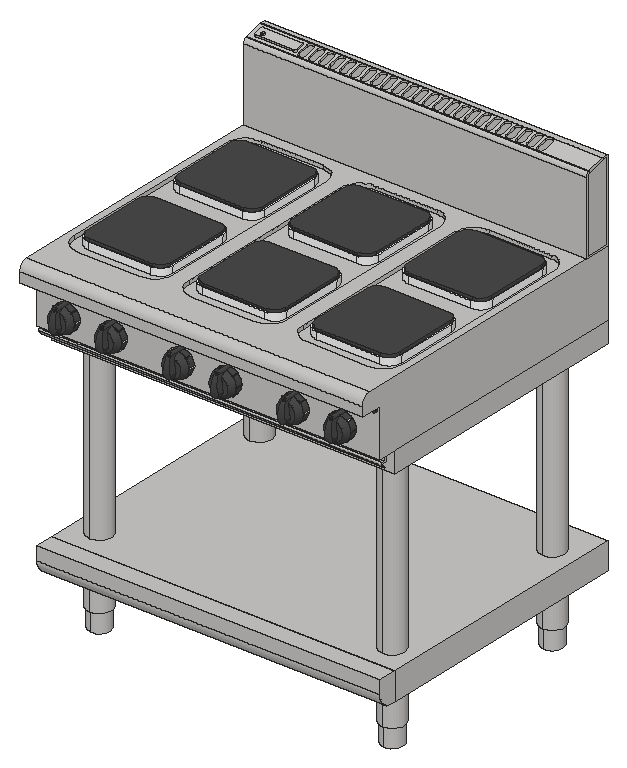
Revit family "QF_Moffat_RN8600SE-LS_Electric_Cooktops_Sealed_Hobs_cat", category Specialty Equipment, Revit 2019 (continued)
Definition of nested family "High and Low Option"
  Forms (mm)
    Extrusion 10, solid, visible <- "High Back", not visible
      sketch origin (0, -15, 1130) x (0, -0.965926, -0.258819) y (1, 0, 0)
        loop
          arc (36.495, 183.868) -> (46.495, 193.868) -> (36.495, 203.868) r 10
          line (36.495, 203.868) -> (11.379, 203.868)
        loop
          arc (11.379, 231.148) -> (1.379, 221.148) -> (11.379, 211.148) r 10
          line (11.379, 211.148) -> (36.495, 211.148)
          arc (36.495, 211.148) -> (46.495, 221.148) -> (36.495, 231.148) r 10
          line (36.495, 231.148) -> (11.379, 231.148)
        loop
          arc (11.379, 258.428) -> (1.379, 248.428) -> (11.379, 238.428) r 10
          line (11.379, 238.428) -> (36.495, 238.428)
          arc (36.495, 238.428) -> (46.495, 248.428) -> (36.495, 258.428) r 10
          line (36.495, 258.428) -> (11.379, 258.428)
        loop
          arc (11.379, 285.709) -> (1.379, 275.709) -> (11.379, 265.709) r 10
          line (11.379, 265.709) -> (36.495, 265.709)
          arc (36.495, 265.709) -> (46.495, 275.709) -> (36.495, 285.709) r 10
          line (36.495, 285.709) -> (11.379, 285.709)
        loop
          arc (11.379, 312.989) -> (1.379, 302.989) -> (11.379, 292.989) r 10
          line (11.379, 292.989) -> (36.495, 292.989)
          arc (36.495, 292.989) -> (46.495, 302.989) -> (36.495, 312.989) r 10
          line (36.495, 312.989) -> (11.379, 312.989)
        loop
          arc (11.379, 340.269) -> (1.379, 330.269) -> (11.379, 320.269) r 10
          line (11.379, 320.269) -> (36.495, 320.269)
          arc (36.495, 320.269) -> (46.495, 330.269) -> (36.495, 340.269) r 10
          line (36.495, 340.269) -> (11.379, 340.269)
        loop
          arc (11.379, 367.549) -> (1.379, 357.549) -> (11.379, 347.549) r 10
          line (11.379, 347.549) -> (36.495, 347.549)
          arc (36.495, 347.549) -> (46.495, 357.549) -> (36.495, 367.549) r 10
          line (36.495, 367.549) -> (11.379, 367.549)
        loop
          arc (11.379, 394.829) -> (1.379, 384.829) -> (11.379, 374.829) r 10
          line (11.379, 374.829) -> (36.495, 374.829)
          arc (36.495, 374.829) -> (46.495, 384.829) -> (36.495, 394.829) r 10
          line (36.495, 394.829) -> (11.379, 394.829)
        loop
          arc (11.379, 422.11) -> (1.379, 412.11) -> (11.379, 402.11) r 10
          line (11.379, 402.11) -> (36.495, 402.11)
          arc (36.495, 402.11) -> (46.495, 412.11) -> (36.495, 422.11) r 10
          line (36.495, 422.11) -> (11.379, 422.11)
        loop
          arc (11.379, 449.39) -> (1.379, 439.39) -> (11.379, 429.39) r 10
          line (11.379, 429.39) -> (36.495, 429.39)
          arc (36.495, 429.39) -> (46.495, 439.39) -> (36.495, 449.39) r 10
          line (36.495, 449.39) -> (11.379, 449.39)
        loop
          arc (11.379, 476.67) -> (1.379, 466.67) -> (11.379, 456.67) r 10
          line (11.379, 456.67) -> (36.495, 456.67)
          arc (36.495, 456.67) -> (46.495, 466.67) -> (36.495, 476.67) r 10
          line (36.495, 476.67) -> (11.379, 476.67)
        loop
          arc (11.379, 503.95) -> (1.379, 493.95) -> (11.379, 483.95) r 10
          line (11.379, 483.95) -> (36.495, 483.95)
          arc (36.495, 483.95) -> (46.495, 493.95) -> (36.495, 503.95) r 10
          line (36.495, 503.95) -> (11.379, 503.95)
        loop
          arc (11.379, 531.23) -> (1.379, 521.23) -> (11.379, 511.23) r 10
          line (11.379, 511.23) -> (36.495, 511.23)
          arc (36.495, 511.23) -> (46.495, 521.23) -> (36.495, 531.23) r 10
          line (36.495, 531.23) -> (11.379, 531.23)
        loop
          arc (11.379, 558.511) -> (1.379, 548.511) -> (11.379, 538.511) r 10
          line (11.379, 538.511) -> (36.495, 538.511)
          arc (36.495, 538.511) -> (46.495, 548.511) -> (36.495, 558.511) r 10
          line (36.495, 558.511) -> (11.379, 558.511)
        loop
          arc (11.379, 585.791) -> (1.379, 575.791) -> (11.379, 565.791) r 10
          line (11.379, 565.791) -> (36.495, 565.791)
          arc (36.495, 565.791) -> (46.495, 575.791) -> (36.495, 585.791) r 10
          line (36.495, 585.791) -> (11.379, 585.791)
        loop
          arc (11.379, 613.071) -> (1.379, 603.071) -> (11.379, 593.071) r 10
          line (11.379, 593.071) -> (36.495, 593.071)
          arc (36.495, 593.071) -> (46.495, 603.071) -> (36.495, 613.071) r 10
          line (36.495, 613.071) -> (11.379, 613.071)
        loop
          arc (11.379, 640.351) -> (1.379, 630.351) -> (11.379, 620.351) r 10
          line (11.379, 620.351) -> (36.495, 620.351)
          arc (36.495, 620.351) -> (46.495, 630.351) -> (36.495, 640.351) r 10
          line (36.495, 640.351) -> (11.379, 640.351)
        loop
          arc (11.379, 667.632) -> (1.379, 657.632) -> (11.379, 647.632) r 10
          line (11.379, 647.632) -> (36.495, 647.632)
          arc (36.495, 647.632) -> (46.495, 657.632) -> (36.495, 667.632) r 10
          line (36.495, 667.632) -> (11.379, 667.632)
        loop
          arc (11.379, 694.912) -> (1.379, 684.912) -> (11.379, 674.912) r 10
          line (11.379, 674.912) -> (36.495, 674.912)
          arc (36.495, 674.912) -> (46.495, 684.912) -> (36.495, 694.912) r 10
          line (36.495, 694.912) -> (11.379, 694.912)
        loop
          arc (11.379, 722.192) -> (1.379, 712.192) -> (11.379, 702.192) r 10
          line (11.379, 702.192) -> (36.495, 702.192)
          arc (36.495, 702.192) -> (46.495, 712.192) -> (36.495, 722.192) r 10
          line (36.495, 722.192) -> (11.379, 722.192)
        loop
          arc (11.379, 749.472) -> (1.379, 739.472) -> (11.379, 729.472) r 10
          line (11.379, 729.472) -> (36.495, 729.472)
          arc (36.495, 729.472) -> (46.495, 739.472) -> (36.495, 749.472) r 10
          line (36.495, 749.472) -> (11.379, 749.472)
        loop
          arc (11.379, 776.752) -> (1.379, 766.752) -> (11.379, 756.752) r 10
          line (11.379, 756.752) -> (36.495, 756.752)
          arc (36.495, 756.752) -> (46.495, 766.752) -> (36.495, 776.752) r 10
          line (36.495, 776.752) -> (11.379, 776.752)
      from 0 to -3.313
  Lines and regions (mm)
    symbolic lines
      curve 1: line (0, -71.587, 946.25) -> (0, -71.587, 923.25)
      curve 2: line (0, 0, 0) -> (900, 0, 0)
      curve 3: line (0, -70, 0) -> (0, 0, 0)
      curve 4: line (900, -70, 0) -> (0, -70, 0)
      curve 5: line (900, 0, 0) -> (900, -70, 0)
      curve 202: line (0, 0, 0) -> (900, 0, 0)
      curve 203: line (0, -70, 0) -> (0, 0, 0)
      curve 204: line (900, -70, 0) -> (0, -70, 0)
      curve 205: line (900, 0, 0) -> (900, -70, 0)
    symbolic lines, visible <- "High Back"
      curve 6: line (129.307, -50.251, 0) -> (129.307, -25.991, 0)
      curve 7: spline (129.307, -25.991, 0) -> (129.648, -23.491, 0) -> (130.647, -21.162, 0) -> (132.236, -19.161, 0) -> (134.307, -17.626, 0) -> (136.719, -16.661, 0) -> (139.307, -16.332, 0) -> (141.896, -16.661, 0) -> (144.307, -17.626, 0) -> (146.379, -19.161, 0) -> (147.968, -21.162, 0) -> (148.967, -23.491, 0) -> (149.307, -25.991, 0)
      curve 8: line (149.307, -25.991, 0) -> (149.307, -50.251, 0)
      curve 9: spline (149.307, -50.251, 0) -> (148.967, -52.751, 0) -> (147.968, -55.081, 0) -> (146.379, -57.081, 0) -> (144.307, -58.616, 0) -> (141.896, -59.581, 0) -> (139.307, -59.91, 0) -> (136.719, -59.581, 0) -> (134.307, -58.616, 0) -> (132.236, -57.081, 0) -> (130.647, -55.081, 0) -> (129.648, -52.751, 0) -> (129.307, -50.251, 0)
      curve 10: line (156.588, -50.251, 0) -> (156.588, -25.991, 0)
      curve 11: spline (156.588, -25.991, 0) -> (156.928, -23.491, 0) -> (157.927, -21.162, 0) -> (159.517, -19.161, 0) -> (161.588, -17.626, 0) -> (164, -16.661, 0) -> (166.588, -16.332, 0) -> (169.176, -16.661, 0) -> (171.588, -17.626, 0) -> (173.659, -19.161, 0) -> (175.248, -21.162, 0) -> (176.247, -23.491, 0) -> (176.588, -25.991, 0)
      curve 12: line (176.588, -25.991, 0) -> (176.588, -50.251, 0)
      curve 13: spline (176.588, -50.251, 0) -> (176.247, -52.751, 0) -> (175.248, -55.081, 0) -> (173.659, -57.081, 0) -> (171.588, -58.616, 0) -> (169.176, -59.581, 0) -> (166.588, -59.91, 0) -> (164, -59.581, 0) -> (161.588, -58.616, 0) -> (159.517, -57.081, 0) -> (157.927, -55.081, 0) -> (156.928, -52.751, 0) -> (156.588, -50.251, 0)
      curve 14: line (183.868, -50.251, 0) -> (183.868, -25.991, 0)
      curve 15: spline (183.868, -25.991, 0) -> (184.209, -23.491, 0) -> (185.208, -21.162, 0) -> (186.797, -19.161, 0) -> (188.868, -17.626, 0) -> (191.28, -16.661, 0) -> (193.868, -16.332, 0) -> (196.456, -16.661, 0) -> (198.868, -17.626, 0) -> (200.939, -19.161, 0) -> (202.528, -21.162, 0) -> (203.527, -23.491, 0) -> (203.868, -25.991, 0)
      curve 16: line (203.868, -25.991, 0) -> (203.868, -50.251, 0)
      curve 17: spline (203.868, -50.251, 0) -> (203.527, -52.751, 0) -> (202.528, -55.081, 0) -> (200.939, -57.081, 0) -> (198.868, -58.616, 0) -> (196.456, -59.581, 0) -> (193.868, -59.91, 0) -> (191.28, -59.581, 0) -> (188.868, -58.616, 0) -> (186.797, -57.081, 0) -> (185.208, -55.081, 0) -> (184.209, -52.751, 0) -> (183.868, -50.251, 0)
      curve 18: line (211.148, -50.251, 0) -> (211.148, -25.991, 0)
      curve 19: spline (211.148, -25.991, 0) -> (211.489, -23.491, 0) -> (212.488, -21.162, 0) -> (214.077, -19.161, 0) -> (216.148, -17.626, 0) -> (218.56, -16.661, 0) -> (221.148, -16.332, 0) -> (223.736, -16.661, 0) -> (226.148, -17.626, 0) -> (228.219, -19.161, 0) -> (229.808, -21.162, 0) -> (230.807, -23.491, 0) -> (231.148, -25.991, 0)
      curve 20: line (231.148, -25.991, 0) -> (231.148, -50.251, 0)
      curve 21: spline (231.148, -50.251, 0) -> (230.807, -52.751, 0) -> (229.808, -55.081, 0) -> (228.219, -57.081, 0) -> (226.148, -58.616, 0) -> (223.736, -59.581, 0) -> (221.148, -59.91, 0) -> (218.56, -59.581, 0) -> (216.148, -58.616, 0) -> (214.077, -57.081, 0) -> (212.488, -55.081, 0) -> (211.489, -52.751, 0) -> (211.148, -50.251, 0)
      curve 22: line (238.428, -50.251, 0) -> (238.428, -25.991, 0)
      curve 23: spline (238.428, -25.991, 0) -> (238.769, -23.491, 0) -> (239.768, -21.162, 0) -> (241.357, -19.161, 0) -> (243.428, -17.626, 0) -> (245.84, -16.661, 0) -> (248.428, -16.332, 0) -> (251.017, -16.661, 0) -> (253.428, -17.626, 0) -> (255.499, -19.161, 0) -> (257.089, -21.162, 0) -> (258.088, -23.491, 0) -> (258.428, -25.991, 0)
      curve 24: line (258.428, -25.991, 0) -> (258.428, -50.251, 0)
      curve 25: spline (258.428, -50.251, 0) -> (258.088, -52.751, 0) -> (257.089, -55.081, 0) -> (255.499, -57.081, 0) -> (253.428, -58.616, 0) -> (251.017, -59.581, 0) -> (248.428, -59.91, 0) -> (245.84, -59.581, 0) -> (243.428, -58.616, 0) -> (241.357, -57.081, 0) -> (239.768, -55.081, 0) -> (238.769, -52.751, 0) -> (238.428, -50.251, 0)
      curve 26: line (265.709, -50.251, 0) -> (265.709, -25.991, 0)
      curve 27: spline (265.709, -25.991, 0) -> (266.049, -23.491, 0) -> (267.048, -21.162, 0) -> (268.637, -19.161, 0) -> (270.709, -17.626, 0) -> (273.12, -16.661, 0) -> (275.709, -16.332, 0) -> (278.297, -16.661, 0) -> (280.709, -17.626, 0) -> (282.78, -19.161, 0) -> (284.369, -21.162, 0) -> (285.368, -23.491, 0) -> (285.709, -25.991, 0)
      curve 28: line (285.709, -25.991, 0) -> (285.709, -50.251, 0)
      curve 29: spline (285.709, -50.251, 0) -> (285.368, -52.751, 0) -> (284.369, -55.081, 0) -> (282.78, -57.081, 0) -> (280.709, -58.616, 0) -> (278.297, -59.581, 0) -> (275.709, -59.91, 0) -> (273.12, -59.581, 0) -> (270.709, -58.616, 0) -> (268.637, -57.081, 0) -> (267.048, -55.081, 0) -> (266.049, -52.751, 0) -> (265.709, -50.251, 0)
      curve 30: line (292.989, -50.251, 0) -> (292.989, -25.991, 0)
      curve 31: spline (292.989, -25.991, 0) -> (293.329, -23.491, 0) -> (294.329, -21.162, 0) -> (295.918, -19.161, 0) -> (297.989, -17.626, 0) -> (300.401, -16.661, 0) -> (302.989, -16.332, 0) -> (305.577, -16.661, 0) -> (307.989, -17.626, 0) -> (310.06, -19.161, 0) -> (311.649, -21.162, 0) -> (312.648, -23.491, 0) -> (312.989, -25.991, 0)
      curve 32: line (312.989, -25.991, 0) -> (312.989, -50.251, 0)
      curve 33: spline (312.989, -50.251, 0) -> (312.648, -52.751, 0) -> (311.649, -55.081, 0) -> (310.06, -57.081, 0) -> (307.989, -58.616, 0) -> (305.577, -59.581, 0) -> (302.989, -59.91, 0) -> (300.401, -59.581, 0) -> (297.989, -58.616, 0) -> (295.918, -57.081, 0) -> (294.329, -55.081, 0) -> (293.329, -52.751, 0) -> (292.989, -50.251, 0)
      curve 34: line (320.269, -50.251, 0) -> (320.269, -25.991, 0)
      curve 35: spline (320.269, -25.991, 0) -> (320.61, -23.491, 0) -> (321.609, -21.162, 0) -> (323.198, -19.161, 0) -> (325.269, -17.626, 0) -> (327.681, -16.661, 0) -> (330.269, -16.332, 0) -> (332.857, -16.661, 0) -> (335.269, -17.626, 0) -> (337.34, -19.161, 0) -> (338.929, -21.162, 0) -> (339.928, -23.491, 0) -> (340.269, -25.991, 0)
      curve 36: line (340.269, -25.991, 0) -> (340.269, -50.251, 0)
      curve 37: spline (340.269, -50.251, 0) -> (339.928, -52.751, 0) -> (338.929, -55.081, 0) -> (337.34, -57.081, 0) -> (335.269, -58.616, 0) -> (332.857, -59.581, 0) -> (330.269, -59.91, 0) -> (327.681, -59.581, 0) -> (325.269, -58.616, 0) -> (323.198, -57.081, 0) -> (321.609, -55.081, 0) -> (320.61, -52.751, 0) -> (320.269, -50.251, 0)
      curve 38: line (347.549, -50.251, 0) -> (347.549, -25.991, 0)
      curve 39: spline (347.549, -25.991, 0) -> (347.89, -23.491, 0) -> (348.889, -21.162, 0) -> (350.478, -19.161, 0) -> (352.549, -17.626, 0) -> (354.961, -16.661, 0) -> (357.549, -16.332, 0) -> (360.137, -16.661, 0) -> (362.549, -17.626, 0) -> (364.62, -19.161, 0) -> (366.209, -21.162, 0) -> (367.208, -23.491, 0) -> (367.549, -25.991, 0)
      curve 40: line (367.549, -25.991, 0) -> (367.549, -50.251, 0)
      curve 41: spline (367.549, -50.251, 0) -> (367.208, -52.751, 0) -> (366.209, -55.081, 0) -> (364.62, -57.081, 0) -> (362.549, -58.616, 0) -> (360.137, -59.581, 0) -> (357.549, -59.91, 0) -> (354.961, -59.581, 0) -> (352.549, -58.616, 0) -> (350.478, -57.081, 0) -> (348.889, -55.081, 0) -> (347.89, -52.751, 0) -> (347.549, -50.251, 0)
      curve 42: line (374.829, -50.251, 0) -> (374.829, -25.991, 0)
      curve 43: spline (374.829, -25.991, 0) -> (375.17, -23.491, 0) -> (376.169, -21.162, 0) -> (377.758, -19.161, 0) -> (379.829, -17.626, 0) -> (382.241, -16.661, 0) -> (384.829, -16.332, 0) -> (387.418, -16.661, 0) -> (389.829, -17.626, 0) -> (391.9, -19.161, 0) -> (393.49, -21.162, 0) -> (394.489, -23.491, 0) -> (394.829, -25.991, 0)
      curve 44: line (394.829, -25.991, 0) -> (394.829, -50.251, 0)
      curve 45: spline (394.829, -50.251, 0) -> (394.489, -52.751, 0) -> (393.49, -55.081, 0) -> (391.9, -57.081, 0) -> (389.829, -58.616, 0) -> (387.418, -59.581, 0) -> (384.829, -59.91, 0) -> (382.241, -59.581, 0) -> (379.829, -58.616, 0) -> (377.758, -57.081, 0) -> (376.169, -55.081, 0) -> (375.17, -52.751, 0) -> (374.829, -50.251, 0)
      curve 46: line (402.11, -50.251, 0) -> (402.11, -25.991, 0)
      curve 47: spline (402.11, -25.991, 0) -> (402.45, -23.491, 0) -> (403.449, -21.162, 0) -> (405.039, -19.161, 0) -> (407.11, -17.626, 0) -> (409.521, -16.661, 0) -> (412.11, -16.332, 0) -> (414.698, -16.661, 0) -> (417.11, -17.626, 0) -> (419.181, -19.161, 0) -> (420.77, -21.162, 0) -> (421.769, -23.491, 0) -> (422.11, -25.991, 0)
      curve 48: line (422.11, -25.991, 0) -> (422.11, -50.251, 0)
      curve 49: spline (422.11, -50.251, 0) -> (421.769, -52.751, 0) -> (420.77, -55.081, 0) -> (419.181, -57.081, 0) -> (417.11, -58.616, 0) -> (414.698, -59.581, 0) -> (412.11, -59.91, 0) -> (409.521, -59.581, 0) -> (407.11, -58.616, 0) -> (405.039, -57.081, 0) -> (403.449, -55.081, 0) -> (402.45, -52.751, 0) -> (402.11, -50.251, 0)
      curve 50: line (429.39, -50.251, 0) -> (429.39, -25.991, 0)
      curve 51: spline (429.39, -25.991, 0) -> (429.731, -23.491, 0) -> (430.73, -21.162, 0) -> (432.319, -19.161, 0) -> (434.39, -17.626, 0) -> (436.802, -16.661, 0) -> (439.39, -16.332, 0) -> (441.978, -16.661, 0) -> (444.39, -17.626, 0) -> (446.461, -19.161, 0) -> (448.05, -21.162, 0) -> (449.049, -23.491, 0) -> (449.39, -25.991, 0)
      curve 52: line (449.39, -25.991, 0) -> (449.39, -50.251, 0)
      curve 53: spline (449.39, -50.251, 0) -> (449.049, -52.751, 0) -> (448.05, -55.081, 0) -> (446.461, -57.081, 0) -> (444.39, -58.616, 0) -> (441.978, -59.581, 0) -> (439.39, -59.91, 0) -> (436.802, -59.581, 0) -> (434.39, -58.616, 0) -> (432.319, -57.081, 0) -> (430.73, -55.081, 0) -> (429.731, -52.751, 0) -> (429.39, -50.251, 0)
      curve 54: line (456.67, -50.251, 0) -> (456.67, -25.991, 0)
      curve 55: spline (456.67, -25.991, 0) -> (457.011, -23.491, 0) -> (458.01, -21.162, 0) -> (459.599, -19.161, 0) -> (461.67, -17.626, 0) -> (464.082, -16.661, 0) -> (466.67, -16.332, 0) -> (469.258, -16.661, 0) -> (471.67, -17.626, 0) -> (473.741, -19.161, 0) -> (475.33, -21.162, 0) -> (476.329, -23.491, 0) -> (476.67, -25.991, 0)
      curve 56: line (476.67, -25.991, 0) -> (476.67, -50.251, 0)
      curve 57: spline (476.67, -50.251, 0) -> (476.329, -52.751, 0) -> (475.33, -55.081, 0) -> (473.741, -57.081, 0) -> (471.67, -58.616, 0) -> (469.258, -59.581, 0) -> (466.67, -59.91, 0) -> (464.082, -59.581, 0) -> (461.67, -58.616, 0) -> (459.599, -57.081, 0) -> (458.01, -55.081, 0) -> (457.011, -52.751, 0) -> (456.67, -50.251, 0)
      curve 58: line (483.95, -50.251, 0) -> (483.95, -25.991, 0)
      curve 59: spline (483.95, -25.991, 0) -> (484.291, -23.491, 0) -> (485.29, -21.162, 0) -> (486.879, -19.161, 0) -> (488.95, -17.626, 0) -> (491.362, -16.661, 0) -> (493.95, -16.332, 0) -> (496.538, -16.661, 0) -> (498.95, -17.626, 0) -> (501.021, -19.161, 0) -> (502.61, -21.162, 0) -> (503.609, -23.491, 0) -> (503.95, -25.991, 0)
      curve 60: line (503.95, -25.991, 0) -> (503.95, -50.251, 0)
      curve 61: spline (503.95, -50.251, 0) -> (503.609, -52.751, 0) -> (502.61, -55.081, 0) -> (501.021, -57.081, 0) -> (498.95, -58.616, 0) -> (496.538, -59.581, 0) -> (493.95, -59.91, 0) -> (491.362, -59.581, 0) -> (488.95, -58.616, 0) -> (486.879, -57.081, 0) -> (485.29, -55.081, 0) -> (484.291, -52.751, 0) -> (483.95, -50.251, 0)
      curve 62: line (511.23, -50.251, 0) -> (511.23, -25.991, 0)
      curve 63: spline (511.23, -25.991, 0) -> (511.571, -23.491, 0) -> (512.57, -21.162, 0) -> (514.159, -19.161, 0) -> (516.23, -17.626, 0) -> (518.642, -16.661, 0) -> (521.23, -16.332, 0) -> (523.819, -16.661, 0) -> (526.23, -17.626, 0) -> (528.302, -19.161, 0) -> (529.891, -21.162, 0) -> (530.89, -23.491, 0) -> (531.23, -25.991, 0)
      curve 64: line (531.23, -25.991, 0) -> (531.23, -50.251, 0)
      curve 65: spline (531.23, -50.251, 0) -> (530.89, -52.751, 0) -> (529.891, -55.081, 0) -> (528.302, -57.081, 0) -> (526.23, -58.616, 0) -> (523.819, -59.581, 0) -> (521.23, -59.91, 0) -> (518.642, -59.581, 0) -> (516.23, -58.616, 0) -> (514.159, -57.081, 0) -> (512.57, -55.081, 0) -> (511.571, -52.751, 0) -> (511.23, -50.251, 0)
      curve 66: line (538.511, -50.251, 0) -> (538.511, -25.991, 0)
      curve 67: spline (538.511, -25.991, 0) -> (538.851, -23.491, 0) -> (539.85, -21.162, 0) -> (541.44, -19.161, 0) -> (543.511, -17.626, 0) -> (545.922, -16.661, 0) -> (548.511, -16.332, 0) -> (551.099, -16.661, 0) -> (553.511, -17.626, 0) -> (555.582, -19.161, 0) -> (557.171, -21.162, 0) -> (558.17, -23.491, 0) -> (558.511, -25.991, 0)
      curve 68: line (558.511, -25.991, 0) -> (558.511, -50.251, 0)
      curve 69: spline (558.511, -50.251, 0) -> (558.17, -52.751, 0) -> (557.171, -55.081, 0) -> (555.582, -57.081, 0) -> (553.511, -58.616, 0) -> (551.099, -59.581, 0) -> (548.511, -59.91, 0) -> (545.922, -59.581, 0) -> (543.511, -58.616, 0) -> (541.44, -57.081, 0) -> (539.85, -55.081, 0) -> (538.851, -52.751, 0) -> (538.511, -50.251, 0)
      curve 70: line (565.791, -50.251, 0) -> (565.791, -25.991, 0)
      curve 71: spline (565.791, -25.991, 0) -> (566.132, -23.491, 0) -> (567.131, -21.162, 0) -> (568.72, -19.161, 0) -> (570.791, -17.626, 0) -> (573.203, -16.661, 0) -> (575.791, -16.332, 0) -> (578.379, -16.661, 0) -> (580.791, -17.626, 0) -> (582.862, -19.161, 0) -> (584.451, -21.162, 0) -> (585.45, -23.491, 0) -> (585.791, -25.991, 0)
      curve 72: line (585.791, -25.991, 0) -> (585.791, -50.251, 0)
      curve 73: spline (585.791, -50.251, 0) -> (585.45, -52.751, 0) -> (584.451, -55.081, 0) -> (582.862, -57.081, 0) -> (580.791, -58.616, 0) -> (578.379, -59.581, 0) -> (575.791, -59.91, 0) -> (573.203, -59.581, 0) -> (570.791, -58.616, 0) -> (568.72, -57.081, 0) -> (567.131, -55.081, 0) -> (566.132, -52.751, 0) -> (565.791, -50.251, 0)
      curve 74: line (593.071, -50.251, 0) -> (593.071, -25.991, 0)
      curve 75: spline (593.071, -25.991, 0) -> (593.412, -23.491, 0) -> (594.411, -21.162, 0) -> (596, -19.161, 0) -> (598.071, -17.626, 0) -> (600.483, -16.661, 0) -> (603.071, -16.332, 0) -> (605.659, -16.661, 0) -> (608.071, -17.626, 0) -> (610.142, -19.161, 0) -> (611.731, -21.162, 0) -> (612.73, -23.491, 0) -> (613.071, -25.991, 0)
      curve 76: line (613.071, -25.991, 0) -> (613.071, -50.251, 0)
      curve 77: spline (613.071, -50.251, 0) -> (612.73, -52.751, 0) -> (611.731, -55.081, 0) -> (610.142, -57.081, 0) -> (608.071, -58.616, 0) -> (605.659, -59.581, 0) -> (603.071, -59.91, 0) -> (600.483, -59.581, 0) -> (598.071, -58.616, 0) -> (596, -57.081, 0) -> (594.411, -55.081, 0) -> (593.412, -52.751, 0) -> (593.071, -50.251, 0)
      curve 78: line (620.351, -50.251, 0) -> (620.351, -25.991, 0)
      curve 79: spline (620.351, -25.991, 0) -> (620.692, -23.491, 0) -> (621.691, -21.162, 0) -> (623.28, -19.161, 0) -> (625.351, -17.626, 0) -> (627.763, -16.661, 0) -> (630.351, -16.332, 0) -> (632.939, -16.661, 0) -> (635.351, -17.626, 0) -> (637.422, -19.161, 0) -> (639.012, -21.162, 0) -> (640.011, -23.491, 0) -> (640.351, -25.991, 0)
      curve 80: line (640.351, -25.991, 0) -> (640.351, -50.251, 0)
      curve 81: spline (640.351, -50.251, 0) -> (640.011, -52.751, 0) -> (639.012, -55.081, 0) -> (637.422, -57.081, 0) -> (635.351, -58.616, 0) -> (632.939, -59.581, 0) -> (630.351, -59.91, 0) -> (627.763, -59.581, 0) -> (625.351, -58.616, 0) -> (623.28, -57.081, 0) -> (621.691, -55.081, 0) -> (620.692, -52.751, 0) -> (620.351, -50.251, 0)
      curve 82: line (647.632, -50.251, 0) -> (647.632, -25.991, 0)
      curve 83: spline (647.632, -25.991, 0) -> (647.972, -23.491, 0) -> (648.971, -21.162, 0) -> (650.56, -19.161, 0) -> (652.632, -17.626, 0) -> (655.043, -16.661, 0) -> (657.632, -16.332, 0) -> (660.22, -16.661, 0) -> (662.632, -17.626, 0) -> (664.703, -19.161, 0) -> (666.292, -21.162, 0) -> (667.291, -23.491, 0) -> (667.632, -25.991, 0)
      curve 84: line (667.632, -25.991, 0) -> (667.632, -50.251, 0)
      curve 85: spline (667.632, -50.251, 0) -> (667.291, -52.751, 0) -> (666.292, -55.081, 0) -> (664.703, -57.081, 0) -> (662.632, -58.616, 0) -> (660.22, -59.581, 0) -> (657.632, -59.91, 0) -> (655.043, -59.581, 0) -> (652.632, -58.616, 0) -> (650.56, -57.081, 0) -> (648.971, -55.081, 0) -> (647.972, -52.751, 0) -> (647.632, -50.251, 0)
      curve 86: line (674.912, -50.251, 0) -> (674.912, -25.991, 0)
      curve 87: spline (674.912, -25.991, 0) -> (675.252, -23.491, 0) -> (676.251, -21.162, 0) -> (677.841, -19.161, 0) -> (679.912, -17.626, 0) -> (682.324, -16.661, 0) -> (684.912, -16.332, 0) -> (687.5, -16.661, 0) -> (689.912, -17.626, 0) -> (691.983, -19.161, 0) -> (693.572, -21.162, 0) -> (694.571, -23.491, 0) -> (694.912, -25.991, 0)
      curve 88: line (694.912, -25.991, 0) -> (694.912, -50.251, 0)
      curve 89: spline (694.912, -50.251, 0) -> (694.571, -52.751, 0) -> (693.572, -55.081, 0) -> (691.983, -57.081, 0) -> (689.912, -58.616, 0) -> (687.5, -59.581, 0) -> (684.912, -59.91, 0) -> (682.324, -59.581, 0) -> (679.912, -58.616, 0) -> (677.841, -57.081, 0) -> (676.251, -55.081, 0) -> (675.252, -52.751, 0) -> (674.912, -50.251, 0)
      curve 90: line (702.192, -50.251, 0) -> (702.192, -25.991, 0)
      curve 91: spline (702.192, -25.991, 0) -> (702.533, -23.491, 0) -> (703.532, -21.162, 0) -> (705.121, -19.161, 0) -> (707.192, -17.626, 0) -> (709.604, -16.661, 0) -> (712.192, -16.332, 0) -> (714.78, -16.661, 0) -> (717.192, -17.626, 0) -> (719.263, -19.161, 0) -> (720.852, -21.162, 0) -> (721.851, -23.491, 0) -> (722.192, -25.991, 0)
      curve 92: line (722.192, -25.991, 0) -> (722.192, -50.251, 0)
      curve 93: spline (722.192, -50.251, 0) -> (721.851, -52.751, 0) -> (720.852, -55.081, 0) -> (719.263, -57.081, 0) -> (717.192, -58.616, 0) -> (714.78, -59.581, 0) -> (712.192, -59.91, 0) -> (709.604, -59.581, 0) -> (707.192, -58.616, 0) -> (705.121, -57.081, 0) -> (703.532, -55.081, 0) -> (702.533, -52.751, 0) -> (702.192, -50.251, 0)
      curve 94: line (729.472, -50.251, 0) -> (729.472, -25.991, 0)
      curve 95: spline (729.472, -25.991, 0) -> (729.813, -23.491, 0) -> (730.812, -21.162, 0) -> (732.401, -19.161, 0) -> (734.472, -17.626, 0) -> (736.884, -16.661, 0) -> (739.472, -16.332, 0) -> (742.06, -16.661, 0) -> (744.472, -17.626, 0) -> (746.543, -19.161, 0) -> (748.132, -21.162, 0) -> (749.131, -23.491, 0) -> (749.472, -25.991, 0)
      curve 96: line (749.472, -25.991, 0) -> (749.472, -50.251, 0)
      curve 97: spline (749.472, -50.251, 0) -> (749.131, -52.751, 0) -> (748.132, -55.081, 0) -> (746.543, -57.081, 0) -> (744.472, -58.616, 0) -> (742.06, -59.581, 0) -> (739.472, -59.91, 0) -> (736.884, -59.581, 0) -> (734.472, -58.616, 0) -> (732.401, -57.081, 0) -> (730.812, -55.081, 0) -> (729.813, -52.751, 0) -> (729.472, -50.251, 0)
      curve 98: line (756.752, -50.251, 0) -> (756.752, -25.991, 0)
      curve 99: spline (756.752, -25.991, 0) -> (757.093, -23.491, 0) -> (758.092, -21.162, 0) -> (759.681, -19.161, 0) -> (761.752, -17.626, 0) -> (764.164, -16.661, 0) -> (766.752, -16.332, 0) -> (769.341, -16.661, 0) -> (771.752, -17.626, 0) -> (773.823, -19.161, 0) -> (775.413, -21.162, 0) -> (776.412, -23.491, 0) -> (776.752, -25.991, 0)
      curve 100: line (776.752, -25.991, 0) -> (776.752, -50.251, 0)
      curve 101: spline (776.752, -50.251, 0) -> (776.412, -52.751, 0) -> (775.413, -55.081, 0) -> (773.823, -57.081, 0) -> (771.752, -58.616, 0) -> (769.341, -59.581, 0) -> (766.752, -59.91, 0) -> (764.164, -59.581, 0) -> (761.752, -58.616, 0) -> (759.681, -57.081, 0) -> (758.092, -55.081, 0) -> (757.093, -52.751, 0) -> (756.752, -50.251, 0)
    symbolic lines, not visible
      curve 102: line (0, 0, 0) -> (900, 0, 0)
      curve 103: line (0, -70, 0) -> (0, 0, 0)
      curve 104: line (900, -70, 0) -> (0, -70, 0)
      curve 105: line (900, 0, 0) -> (900, -70, 0)
      curve 206: line (0, 0, 0) -> (900, 0, 0)
      curve 207: line (0, -70, 0) -> (0, 0, 0)
      curve 208: line (900, -70, 0) -> (0, -70, 0)
      curve 209: line (900, 0, 0) -> (900, -70, 0)
    symbolic lines, visible <- "High Back", not visible
      curve 106: line (129.307, -50.251, 0) -> (129.307, -25.991, 0)
      curve 107: spline (129.307, -25.991, 0) -> (129.648, -23.491, 0) -> (130.647, -21.162, 0) -> (132.236, -19.161, 0) -> (134.307, -17.626, 0) -> (136.719, -16.661, 0) -> (139.307, -16.332, 0) -> (141.896, -16.661, 0) -> (144.307, -17.626, 0) -> (146.379, -19.161, 0) -> (147.968, -21.162, 0) -> (148.967, -23.491, 0) -> (149.307, -25.991, 0)
      curve 108: line (149.307, -25.991, 0) -> (149.307, -50.251, 0)
      curve 109: spline (149.307, -50.251, 0) -> (148.967, -52.751, 0) -> (147.968, -55.081, 0) -> (146.379, -57.081, 0) -> (144.307, -58.616, 0) -> (141.896, -59.581, 0) -> (139.307, -59.91, 0) -> (136.719, -59.581, 0) -> (134.307, -58.616, 0) -> (132.236, -57.081, 0) -> (130.647, -55.081, 0) -> (129.648, -52.751, 0) -> (129.307, -50.251, 0)
      curve 110: line (156.588, -50.251, 0) -> (156.588, -25.991, 0)
      curve 111: spline (156.588, -25.991, 0) -> (156.928, -23.491, 0) -> (157.927, -21.162, 0) -> (159.517, -19.161, 0) -> (161.588, -17.626, 0) -> (164, -16.661, 0) -> (166.588, -16.332, 0) -> (169.176, -16.661, 0) -> (171.588, -17.626, 0) -> (173.659, -19.161, 0) -> (175.248, -21.162, 0) -> (176.247, -23.491, 0) -> (176.588, -25.991, 0)
      curve 112: line (176.588, -25.991, 0) -> (176.588, -50.251, 0)
      curve 113: spline (176.588, -50.251, 0) -> (176.247, -52.751, 0) -> (175.248, -55.081, 0) -> (173.659, -57.081, 0) -> (171.588, -58.616, 0) -> (169.176, -59.581, 0) -> (166.588, -59.91, 0) -> (164, -59.581, 0) -> (161.588, -58.616, 0) -> (159.517, -57.081, 0) -> (157.927, -55.081, 0) -> (156.928, -52.751, 0) -> (156.588, -50.251, 0)
      curve 114: line (183.868, -50.251, 0) -> (183.868, -25.991, 0)
      curve 115: spline (183.868, -25.991, 0) -> (184.209, -23.491, 0) -> (185.208, -21.162, 0) -> (186.797, -19.161, 0) -> (188.868, -17.626, 0) -> (191.28, -16.661, 0) -> (193.868, -16.332, 0) -> (196.456, -16.661, 0) -> (198.868, -17.626, 0) -> (200.939, -19.161, 0) -> (202.528, -21.162, 0) -> (203.527, -23.491, 0) -> (203.868, -25.991, 0)
      curve 116: line (203.868, -25.991, 0) -> (203.868, -50.251, 0)
      curve 117: spline (203.868, -50.251, 0) -> (203.527, -52.751, 0) -> (202.528, -55.081, 0) -> (200.939, -57.081, 0) -> (198.868, -58.616, 0) -> (196.456, -59.581, 0) -> (193.868, -59.91, 0) -> (191.28, -59.581, 0) -> (188.868, -58.616, 0) -> (186.797, -57.081, 0) -> (185.208, -55.081, 0) -> (184.209, -52.751, 0) -> (183.868, -50.251, 0)
      curve 118: line (211.148, -50.251, 0) -> (211.148, -25.991, 0)
      curve 119: spline (211.148, -25.991, 0) -> (211.489, -23.491, 0) -> (212.488, -21.162, 0) -> (214.077, -19.161, 0) -> (216.148, -17.626, 0) -> (218.56, -16.661, 0) -> (221.148, -16.332, 0) -> (223.736, -16.661, 0) -> (226.148, -17.626, 0) -> (228.219, -19.161, 0) -> (229.808, -21.162, 0) -> (230.807, -23.491, 0) -> (231.148, -25.991, 0)
      curve 120: line (231.148, -25.991, 0) -> (231.148, -50.251, 0)
      curve 121: spline (231.148, -50.251, 0) -> (230.807, -52.751, 0) -> (229.808, -55.081, 0) -> (228.219, -57.081, 0) -> (226.148, -58.616, 0) -> (223.736, -59.581, 0) -> (221.148, -59.91, 0) -> (218.56, -59.581, 0) -> (216.148, -58.616, 0) -> (214.077, -57.081, 0) -> (212.488, -55.081, 0) -> (211.489, -52.751, 0) -> (211.148, -50.251, 0)
      curve 122: line (238.428, -50.251, 0) -> (238.428, -25.991, 0)
      curve 123: spline (238.428, -25.991, 0) -> (238.769, -23.491, 0) -> (239.768, -21.162, 0) -> (241.357, -19.161, 0) -> (243.428, -17.626, 0) -> (245.84, -16.661, 0) -> (248.428, -16.332, 0) -> (251.017, -16.661, 0) -> (253.428, -17.626, 0) -> (255.499, -19.161, 0) -> (257.089, -21.162, 0) -> (258.088, -23.491, 0) -> (258.428, -25.991, 0)
      curve 124: line (258.428, -25.991, 0) -> (258.428, -50.251, 0)
      curve 125: spline (258.428, -50.251, 0) -> (258.088, -52.751, 0) -> (257.089, -55.081, 0) -> (255.499, -57.081, 0) -> (253.428, -58.616, 0) -> (251.017, -59.581, 0) -> (248.428, -59.91, 0) -> (245.84, -59.581, 0) -> (243.428, -58.616, 0) -> (241.357, -57.081, 0) -> (239.768, -55.081, 0) -> (238.769, -52.751, 0) -> (238.428, -50.251, 0)
      curve 126: line (265.709, -50.251, 0) -> (265.709, -25.991, 0)
      curve 127: spline (265.709, -25.991, 0) -> (266.049, -23.491, 0) -> (267.048, -21.162, 0) -> (268.637, -19.161, 0) -> (270.709, -17.626, 0) -> (273.12, -16.661, 0) -> (275.709, -16.332, 0) -> (278.297, -16.661, 0) -> (280.709, -17.626, 0) -> (282.78, -19.161, 0) -> (284.369, -21.162, 0) -> (285.368, -23.491, 0) -> (285.709, -25.991, 0)
      curve 128: line (285.709, -25.991, 0) -> (285.709, -50.251, 0)
      curve 129: spline (285.709, -50.251, 0) -> (285.368, -52.751, 0) -> (284.369, -55.081, 0) -> (282.78, -57.081, 0) -> (280.709, -58.616, 0) -> (278.297, -59.581, 0) -> (275.709, -59.91, 0) -> (273.12, -59.581, 0) -> (270.709, -58.616, 0) -> (268.637, -57.081, 0) -> (267.048, -55.081, 0) -> (266.049, -52.751, 0) -> (265.709, -50.251, 0)
      curve 130: line (292.989, -50.251, 0) -> (292.989, -25.991, 0)
      curve 131: spline (292.989, -25.991, 0) -> (293.329, -23.491, 0) -> (294.329, -21.162, 0) -> (295.918, -19.161, 0) -> (297.989, -17.626, 0) -> (300.401, -16.661, 0) -> (302.989, -16.332, 0) -> (305.577, -16.661, 0) -> (307.989, -17.626, 0) -> (310.06, -19.161, 0) -> (311.649, -21.162, 0) -> (312.648, -23.491, 0) -> (312.989, -25.991, 0)
      curve 132: line (312.989, -25.991, 0) -> (312.989, -50.251, 0)
      curve 133: spline (312.989, -50.251, 0) -> (312.648, -52.751, 0) -> (311.649, -55.081, 0) -> (310.06, -57.081, 0) -> (307.989, -58.616, 0) -> (305.577, -59.581, 0) -> (302.989, -59.91, 0) -> (300.401, -59.581, 0) -> (297.989, -58.616, 0) -> (295.918, -57.081, 0) -> (294.329, -55.081, 0) -> (293.329, -52.751, 0) -> (292.989, -50.251, 0)
      curve 134: line (320.269, -50.251, 0) -> (320.269, -25.991, 0)
      curve 135: spline (320.269, -25.991, 0) -> (320.61, -23.491, 0) -> (321.609, -21.162, 0) -> (323.198, -19.161, 0) -> (325.269, -17.626, 0) -> (327.681, -16.661, 0) -> (330.269, -16.332, 0) -> (332.857, -16.661, 0) -> (335.269, -17.626, 0) -> (337.34, -19.161, 0) -> (338.929, -21.162, 0) -> (339.928, -23.491, 0) -> (340.269, -25.991, 0)
      curve 136: line (340.269, -25.991, 0) -> (340.269, -50.251, 0)
      curve 137: spline (340.269, -50.251, 0) -> (339.928, -52.751, 0) -> (338.929, -55.081, 0) -> (337.34, -57.081, 0) -> (335.269, -58.616, 0) -> (332.857, -59.581, 0) -> (330.269, -59.91, 0) -> (327.681, -59.581, 0) -> (325.269, -58.616, 0) -> (323.198, -57.081, 0) -> (321.609, -55.081, 0) -> (320.61, -52.751, 0) -> (320.269, -50.251, 0)
      curve 138: line (347.549, -50.251, 0) -> (347.549, -25.991, 0)
      curve 139: spline (347.549, -25.991, 0) -> (347.89, -23.491, 0) -> (348.889, -21.162, 0) -> (350.478, -19.161, 0) -> (352.549, -17.626, 0) -> (354.961, -16.661, 0) -> (357.549, -16.332, 0) -> (360.137, -16.661, 0) -> (362.549, -17.626, 0) -> (364.62, -19.161, 0) -> (366.209, -21.162, 0) -> (367.208, -23.491, 0) -> (367.549, -25.991, 0)
      curve 140: line (367.549, -25.991, 0) -> (367.549, -50.251, 0)
      curve 141: spline (367.549, -50.251, 0) -> (367.208, -52.751, 0) -> (366.209, -55.081, 0) -> (364.62, -57.081, 0) -> (362.549, -58.616, 0) -> (360.137, -59.581, 0) -> (357.549, -59.91, 0) -> (354.961, -59.581, 0) -> (352.549, -58.616, 0) -> (350.478, -57.081, 0) -> (348.889, -55.081, 0) -> (347.89, -52.751, 0) -> (347.549, -50.251, 0)
      curve 142: line (374.829, -50.251, 0) -> (374.829, -25.991, 0)
      curve 143: spline (374.829, -25.991, 0) -> (375.17, -23.491, 0) -> (376.169, -21.162, 0) -> (377.758, -19.161, 0) -> (379.829, -17.626, 0) -> (382.241, -16.661, 0) -> (384.829, -16.332, 0) -> (387.418, -16.661, 0) -> (389.829, -17.626, 0) -> (391.9, -19.161, 0) -> (393.49, -21.162, 0) -> (394.489, -23.491, 0) -> (394.829, -25.991, 0)
      curve 144: line (394.829, -25.991, 0) -> (394.829, -50.251, 0)
      curve 145: spline (394.829, -50.251, 0) -> (394.489, -52.751, 0) -> (393.49, -55.081, 0) -> (391.9, -57.081, 0) -> (389.829, -58.616, 0) -> (387.418, -59.581, 0) -> (384.829, -59.91, 0) -> (382.241, -59.581, 0) -> (379.829, -58.616, 0) -> (377.758, -57.081, 0) -> (376.169, -55.081, 0) -> (375.17, -52.751, 0) -> (374.829, -50.251, 0)
      curve 146: line (402.11, -50.251, 0) -> (402.11, -25.991, 0)
      curve 147: spline (402.11, -25.991, 0) -> (402.45, -23.491, 0) -> (403.449, -21.162, 0) -> (405.039, -19.161, 0) -> (407.11, -17.626, 0) -> (409.521, -16.661, 0) -> (412.11, -16.332, 0) -> (414.698, -16.661, 0) -> (417.11, -17.626, 0) -> (419.181, -19.161, 0) -> (420.77, -21.162, 0) -> (421.769, -23.491, 0) -> (422.11, -25.991, 0)
      curve 148: line (422.11, -25.991, 0) -> (422.11, -50.251, 0)
      curve 149: spline (422.11, -50.251, 0) -> (421.769, -52.751, 0) -> (420.77, -55.081, 0) -> (419.181, -57.081, 0) -> (417.11, -58.616, 0) -> (414.698, -59.581, 0) -> (412.11, -59.91, 0) -> (409.521, -59.581, 0) -> (407.11, -58.616, 0) -> (405.039, -57.081, 0) -> (403.449, -55.081, 0) -> (402.45, -52.751, 0) -> (402.11, -50.251, 0)
      curve 150: line (429.39, -50.251, 0) -> (429.39, -25.991, 0)
      curve 151: spline (429.39, -25.991, 0) -> (429.731, -23.491, 0) -> (430.73, -21.162, 0) -> (432.319, -19.161, 0) -> (434.39, -17.626, 0) -> (436.802, -16.661, 0) -> (439.39, -16.332, 0) -> (441.978, -16.661, 0) -> (444.39, -17.626, 0) -> (446.461, -19.161, 0) -> (448.05, -21.162, 0) -> (449.049, -23.491, 0) -> (449.39, -25.991, 0)
      curve 152: line (449.39, -25.991, 0) -> (449.39, -50.251, 0)
      curve 153: spline (449.39, -50.251, 0) -> (449.049, -52.751, 0) -> (448.05, -55.081, 0) -> (446.461, -57.081, 0) -> (444.39, -58.616, 0) -> (441.978, -59.581, 0) -> (439.39, -59.91, 0) -> (436.802, -59.581, 0) -> (434.39, -58.616, 0) -> (432.319, -57.081, 0) -> (430.73, -55.081, 0) -> (429.731, -52.751, 0) -> (429.39, -50.251, 0)
      curve 154: line (456.67, -50.251, 0) -> (456.67, -25.991, 0)
      curve 155: spline (456.67, -25.991, 0) -> (457.011, -23.491, 0) -> (458.01, -21.162, 0) -> (459.599, -19.161, 0) -> (461.67, -17.626, 0) -> (464.082, -16.661, 0) -> (466.67, -16.332, 0) -> (469.258, -16.661, 0) -> (471.67, -17.626, 0) -> (473.741, -19.161, 0) -> (475.33, -21.162, 0) -> (476.329, -23.491, 0) -> (476.67, -25.991, 0)
      curve 156: line (476.67, -25.991, 0) -> (476.67, -50.251, 0)
      curve 157: spline (476.67, -50.251, 0) -> (476.329, -52.751, 0) -> (475.33, -55.081, 0) -> (473.741, -57.081, 0) -> (471.67, -58.616, 0) -> (469.258, -59.581, 0) -> (466.67, -59.91, 0) -> (464.082, -59.581, 0) -> (461.67, -58.616, 0) -> (459.599, -57.081, 0) -> (458.01, -55.081, 0) -> (457.011, -52.751, 0) -> (456.67, -50.251, 0)
      curve 158: line (483.95, -50.251, 0) -> (483.95, -25.991, 0)
      curve 159: spline (483.95, -25.991, 0) -> (484.291, -23.491, 0) -> (485.29, -21.162, 0) -> (486.879, -19.161, 0) -> (488.95, -17.626, 0) -> (491.362, -16.661, 0) -> (493.95, -16.332, 0) -> (496.538, -16.661, 0) -> (498.95, -17.626, 0) -> (501.021, -19.161, 0) -> (502.61, -21.162, 0) -> (503.609, -23.491, 0) -> (503.95, -25.991, 0)
      curve 160: line (503.95, -25.991, 0) -> (503.95, -50.251, 0)
      curve 161: spline (503.95, -50.251, 0) -> (503.609, -52.751, 0) -> (502.61, -55.081, 0) -> (501.021, -57.081, 0) -> (498.95, -58.616, 0) -> (496.538, -59.581, 0) -> (493.95, -59.91, 0) -> (491.362, -59.581, 0) -> (488.95, -58.616, 0) -> (486.879, -57.081, 0) -> (485.29, -55.081, 0) -> (484.291, -52.751, 0) -> (483.95, -50.251, 0)
      curve 162: line (511.23, -50.251, 0) -> (511.23, -25.991, 0)
      curve 163: spline (511.23, -25.991, 0) -> (511.571, -23.491, 0) -> (512.57, -21.162, 0) -> (514.159, -19.161, 0) -> (516.23, -17.626, 0) -> (518.642, -16.661, 0) -> (521.23, -16.332, 0) -> (523.819, -16.661, 0) -> (526.23, -17.626, 0) -> (528.302, -19.161, 0) -> (529.891, -21.162, 0) -> (530.89, -23.491, 0) -> (531.23, -25.991, 0)
      curve 164: line (531.23, -25.991, 0) -> (531.23, -50.251, 0)
      curve 165: spline (531.23, -50.251, 0) -> (530.89, -52.751, 0) -> (529.891, -55.081, 0) -> (528.302, -57.081, 0) -> (526.23, -58.616, 0) -> (523.819, -59.581, 0) -> (521.23, -59.91, 0) -> (518.642, -59.581, 0) -> (516.23, -58.616, 0) -> (514.159, -57.081, 0) -> (512.57, -55.081, 0) -> (511.571, -52.751, 0) -> (511.23, -50.251, 0)
      curve 166: line (538.511, -50.251, 0) -> (538.511, -25.991, 0)
      curve 167: spline (538.511, -25.991, 0) -> (538.851, -23.491, 0) -> (539.85, -21.162, 0) -> (541.44, -19.161, 0) -> (543.511, -17.626, 0) -> (545.922, -16.661, 0) -> (548.511, -16.332, 0) -> (551.099, -16.661, 0) -> (553.511, -17.626, 0) -> (555.582, -19.161, 0) -> (557.171, -21.162, 0) -> (558.17, -23.491, 0) -> (558.511, -25.991, 0)
      curve 168: line (558.511, -25.991, 0) -> (558.511, -50.251, 0)
      curve 169: spline (558.511, -50.251, 0) -> (558.17, -52.751, 0) -> (557.171, -55.081, 0) -> (555.582, -57.081, 0) -> (553.511, -58.616, 0) -> (551.099, -59.581, 0) -> (548.511, -59.91, 0) -> (545.922, -59.581, 0) -> (543.511, -58.616, 0) -> (541.44, -57.081, 0) -> (539.85, -55.081, 0) -> (538.851, -52.751, 0) -> (538.511, -50.251, 0)
      curve 170: line (565.791, -50.251, 0) -> (565.791, -25.991, 0)
      curve 171: spline (565.791, -25.991, 0) -> (566.132, -23.491, 0) -> (567.131, -21.162, 0) -> (568.72, -19.161, 0) -> (570.791, -17.626, 0) -> (573.203, -16.661, 0) -> (575.791, -16.332, 0) -> (578.379, -16.661, 0) -> (580.791, -17.626, 0) -> (582.862, -19.161, 0) -> (584.451, -21.162, 0) -> (585.45, -23.491, 0) -> (585.791, -25.991, 0)
      curve 172: line (585.791, -25.991, 0) -> (585.791, -50.251, 0)
      curve 173: spline (585.791, -50.251, 0) -> (585.45, -52.751, 0) -> (584.451, -55.081, 0) -> (582.862, -57.081, 0) -> (580.791, -58.616, 0) -> (578.379, -59.581, 0) -> (575.791, -59.91, 0) -> (573.203, -59.581, 0) -> (570.791, -58.616, 0) -> (568.72, -57.081, 0) -> (567.131, -55.081, 0) -> (566.132, -52.751, 0) -> (565.791, -50.251, 0)
      curve 174: line (593.071, -50.251, 0) -> (593.071, -25.991, 0)
      curve 175: spline (593.071, -25.991, 0) -> (593.412, -23.491, 0) -> (594.411, -21.162, 0) -> (596, -19.161, 0) -> (598.071, -17.626, 0) -> (600.483, -16.661, 0) -> (603.071, -16.332, 0) -> (605.659, -16.661, 0) -> (608.071, -17.626, 0) -> (610.142, -19.161, 0) -> (611.731, -21.162, 0) -> (612.73, -23.491, 0) -> (613.071, -25.991, 0)
      curve 176: line (613.071, -25.991, 0) -> (613.071, -50.251, 0)
      curve 177: spline (613.071, -50.251, 0) -> (612.73, -52.751, 0) -> (611.731, -55.081, 0) -> (610.142, -57.081, 0) -> (608.071, -58.616, 0) -> (605.659, -59.581, 0) -> (603.071, -59.91, 0) -> (600.483, -59.581, 0) -> (598.071, -58.616, 0) -> (596, -57.081, 0) -> (594.411, -55.081, 0) -> (593.412, -52.751, 0) -> (593.071, -50.251, 0)
      curve 178: line (620.351, -50.251, 0) -> (620.351, -25.991, 0)
      curve 179: spline (620.351, -25.991, 0) -> (620.692, -23.491, 0) -> (621.691, -21.162, 0) -> (623.28, -19.161, 0) -> (625.351, -17.626, 0) -> (627.763, -16.661, 0) -> (630.351, -16.332, 0) -> (632.939, -16.661, 0) -> (635.351, -17.626, 0) -> (637.422, -19.161, 0) -> (639.012, -21.162, 0) -> (640.011, -23.491, 0) -> (640.351, -25.991, 0)
      curve 180: line (640.351, -25.991, 0) -> (640.351, -50.251, 0)
      curve 181: spline (640.351, -50.251, 0) -> (640.011, -52.751, 0) -> (639.012, -55.081, 0) -> (637.422, -57.081, 0) -> (635.351, -58.616, 0) -> (632.939, -59.581, 0) -> (630.351, -59.91, 0) -> (627.763, -59.581, 0) -> (625.351, -58.616, 0) -> (623.28, -57.081, 0) -> (621.691, -55.081, 0) -> (620.692, -52.751, 0) -> (620.351, -50.251, 0)
      curve 182: line (647.632, -50.251, 0) -> (647.632, -25.991, 0)
      curve 183: spline (647.632, -25.991, 0) -> (647.972, -23.491, 0) -> (648.971, -21.162, 0) -> (650.56, -19.161, 0) -> (652.632, -17.626, 0) -> (655.043, -16.661, 0) -> (657.632, -16.332, 0) -> (660.22, -16.661, 0) -> (662.632, -17.626, 0) -> (664.703, -19.161, 0) -> (666.292, -21.162, 0) -> (667.291, -23.491, 0) -> (667.632, -25.991, 0)
      curve 184: line (667.632, -25.991, 0) -> (667.632, -50.251, 0)
      curve 185: spline (667.632, -50.251, 0) -> (667.291, -52.751, 0) -> (666.292, -55.081, 0) -> (664.703, -57.081, 0) -> (662.632, -58.616, 0) -> (660.22, -59.581, 0) -> (657.632, -59.91, 0) -> (655.043, -59.581, 0) -> (652.632, -58.616, 0) -> (650.56, -57.081, 0) -> (648.971, -55.081, 0) -> (647.972, -52.751, 0) -> (647.632, -50.251, 0)
      curve 186: line (674.912, -50.251, 0) -> (674.912, -25.991, 0)
      curve 187: spline (674.912, -25.991, 0) -> (675.252, -23.491, 0) -> (676.251, -21.162, 0) -> (677.841, -19.161, 0) -> (679.912, -17.626, 0) -> (682.324, -16.661, 0) -> (684.912, -16.332, 0) -> (687.5, -16.661, 0) -> (689.912, -17.626, 0) -> (691.983, -19.161, 0) -> (693.572, -21.162, 0) -> (694.571, -23.491, 0) -> (694.912, -25.991, 0)
      curve 188: line (694.912, -25.991, 0) -> (694.912, -50.251, 0)
      curve 189: spline (694.912, -50.251, 0) -> (694.571, -52.751, 0) -> (693.572, -55.081, 0) -> (691.983, -57.081, 0) -> (689.912, -58.616, 0) -> (687.5, -59.581, 0) -> (684.912, -59.91, 0) -> (682.324, -59.581, 0) -> (679.912, -58.616, 0) -> (677.841, -57.081, 0) -> (676.251, -55.081, 0) -> (675.252, -52.751, 0) -> (674.912, -50.251, 0)
      curve 190: line (702.192, -50.251, 0) -> (702.192, -25.991, 0)
      curve 191: spline (702.192, -25.991, 0) -> (702.533, -23.491, 0) -> (703.532, -21.162, 0) -> (705.121, -19.161, 0) -> (707.192, -17.626, 0) -> (709.604, -16.661, 0) -> (712.192, -16.332, 0) -> (714.78, -16.661, 0) -> (717.192, -17.626, 0) -> (719.263, -19.161, 0) -> (720.852, -21.162, 0) -> (721.851, -23.491, 0) -> (722.192, -25.991, 0)
      curve 192: line (722.192, -25.991, 0) -> (722.192, -50.251, 0)
      curve 193: spline (722.192, -50.251, 0) -> (721.851, -52.751, 0) -> (720.852, -55.081, 0) -> (719.263, -57.081, 0) -> (717.192, -58.616, 0) -> (714.78, -59.581, 0) -> (712.192, -59.91, 0) -> (709.604, -59.581, 0) -> (707.192, -58.616, 0) -> (705.121, -57.081, 0) -> (703.532, -55.081, 0) -> (702.533, -52.751, 0) -> (702.192, -50.251, 0)
      curve 194: line (729.472, -50.251, 0) -> (729.472, -25.991, 0)
      curve 195: spline (729.472, -25.991, 0) -> (729.813, -23.491, 0) -> (730.812, -21.162, 0) -> (732.401, -19.161, 0) -> (734.472, -17.626, 0) -> (736.884, -16.661, 0) -> (739.472, -16.332, 0) -> (742.06, -16.661, 0) -> (744.472, -17.626, 0) -> (746.543, -19.161, 0) -> (748.132, -21.162, 0) -> (749.131, -23.491, 0) -> (749.472, -25.991, 0)
      curve 196: line (749.472, -25.991, 0) -> (749.472, -50.251, 0)
      curve 197: spline (749.472, -50.251, 0) -> (749.131, -52.751, 0) -> (748.132, -55.081, 0) -> (746.543, -57.081, 0) -> (744.472, -58.616, 0) -> (742.06, -59.581, 0) -> (739.472, -59.91, 0) -> (736.884, -59.581, 0) -> (734.472, -58.616, 0) -> (732.401, -57.081, 0) -> (730.812, -55.081, 0) -> (729.813, -52.751, 0) -> (729.472, -50.251, 0)
      curve 198: line (756.752, -50.251, 0) -> (756.752, -25.991, 0)
      curve 199: spline (756.752, -25.991, 0) -> (757.093, -23.491, 0) -> (758.092, -21.162, 0) -> (759.681, -19.161, 0) -> (761.752, -17.626, 0) -> (764.164, -16.661, 0) -> (766.752, -16.332, 0) -> (769.341, -16.661, 0) -> (771.752, -17.626, 0) -> (773.823, -19.161, 0) -> (775.413, -21.162, 0) -> (776.412, -23.491, 0) -> (776.752, -25.991, 0)
      curve 200: line (776.752, -25.991, 0) -> (776.752, -50.251, 0)
      curve 201: spline (776.752, -50.251, 0) -> (776.412, -52.751, 0) -> (775.413, -55.081, 0) -> (773.823, -57.081, 0) -> (771.752, -58.616, 0) -> (769.341, -59.581, 0) -> (766.752, -59.91, 0) -> (764.164, -59.581, 0) -> (761.752, -58.616, 0) -> (759.681, -57.081, 0) -> (758.092, -55.081, 0) -> (757.093, -52.751, 0) -> (756.752, -50.251, 0)
  Dimensions and locks
    equal spacing: plane 3 "LEFT", plane 7 "Center Y", plane 4 "RIGHT"
    "Length": plane 3 "LEFT" to plane 4 "RIGHT"
    equal spacing: plane 5 "FRONT", plane 8 "Center X", plane 1 "BACK"
    "Depth": plane 5 "FRONT" to plane 1 "BACK"
    "Height": plane 6 "TOP" to level
    plane 4 "RIGHT" to plane 3 "LEFT" = 900 mm
    plane 1 "BACK" to plane 5 "FRONT" = 805 mm
    plane 9 to plane 10 = 769 mm
    plane 12 to plane 2 = 675 mm
    plane 6 "TOP" to level = 970 mm
    plane 13 to level = 1130 mm
    aligned and locked: level to plane 2
  Automatic sketch dimensions
    Extrusion 2 sketch curve to Extrusion 2 sketch curve = 11.8 mm
    Extrusion 2 sketch curve to Extrusion 2 sketch curve = 2.248 mm
    Extrusion 2 sketch curve to Extrusion 2 sketch curve = 63.6 mm
    Extrusion 2 sketch curve to Extrusion 2 sketch curve = 3.2 mm  (x5)
    plane 1 "BACK" to curve 1 = 71.587 mm
    curve 1 to plane 6 "TOP" = 46.75 mm
    curve 1 to curve 1 = 23 mm
    Extrusion 5 sketch curve to Extrusion 5 sketch curve = 10 mm  (x24)
    Extrusion 5 sketch curve to Extrusion 5 sketch curve = 7.28 mm  (x23)
    Extrusion 5 sketch curve to Extrusion 5 sketch curve = 11.379 mm  (x2)
    Extrusion 5 sketch curve to Extrusion 5 sketch curve = 0 mm  (x33)
    Extrusion 5 sketch curve to Extrusion 5 sketch curve = 25.116 mm  (x13)
    Extrusion 5 sketch curve to Extrusion 5 sketch curve = 47.732 mm
    Extrusion 2 sketch curve to Extrusion 2 sketch curve = 187.855 mm
    Extrusion 5 sketch curve to Extrusion 5 sketch curve = 129.307 mm
    Extrusion 5 sketch curve to Extrusion 5 sketch curve = 123.248 mm
    Extrusion 7 sketch curve to Extrusion 7 sketch curve = 11.8 mm
    Extrusion 7 sketch curve to Extrusion 7 sketch curve = 2.248 mm
    Extrusion 7 sketch curve to Extrusion 7 sketch curve = 63.6 mm
    Extrusion 7 sketch curve to Extrusion 7 sketch curve = 3.2 mm  (x5)
    Extrusion 10 sketch curve to Extrusion 10 sketch curve = 10 mm  (x24)
    Extrusion 10 sketch curve to Extrusion 10 sketch curve = 7.28 mm  (x23)
    Extrusion 10 sketch curve to Extrusion 10 sketch curve = 11.379 mm  (x2)
    Extrusion 10 sketch curve to Extrusion 10 sketch curve = 0 mm  (x33)
    Extrusion 10 sketch curve to Extrusion 10 sketch curve = 25.116 mm  (x13)
    Extrusion 10 sketch curve to Extrusion 10 sketch curve = 47.732 mm
    Extrusion 7 sketch curve to Extrusion 7 sketch curve = 187.855 mm
    Extrusion 10 sketch curve to Extrusion 10 sketch curve = 129.307 mm
    Extrusion 10 sketch curve to Extrusion 10 sketch curve = 123.248 mm
    curve 3 to curve 6 = 129.307 mm
    curve 6 to curve 8 = 20 mm
    curve 8 to curve 10 = 7.28 mm
    curve 10 to curve 12 = 20 mm
    curve 13 to curve 14 = 7.28 mm
    curve 14 to curve 16 = 20 mm
    curve 16 to curve 18 = 7.28 mm
    curve 18 to curve 20 = 20 mm
    curve 21 to curve 22 = 7.28 mm
    curve 22 to curve 24 = 20 mm
    curve 25 to curve 26 = 7.28 mm
    curve 26 to curve 28 = 20 mm
    curve 29 to curve 30 = 7.28 mm
    curve 30 to curve 32 = 20 mm
    curve 32 to curve 34 = 7.28 mm
    curve 34 to curve 36 = 20 mm
    curve 37 to curve 38 = 7.28 mm
    curve 41 to curve 40 = 20 mm
    curve 41 to curve 42 = 7.28 mm
    curve 45 to curve 44 = 20 mm
    curve 43 to curve 46 = 7.28 mm
    curve 46 to curve 48 = 20 mm
    curve 49 to curve 50 = 7.28 mm
    curve 50 to curve 52 = 20 mm
    curve 52 to curve 54 = 7.28 mm
    curve 54 to curve 56 = 20 mm
    curve 57 to curve 58 = 7.28 mm
    curve 58 to curve 60 = 20 mm
    curve 61 to curve 62 = 7.28 mm
    curve 62 to curve 64 = 20 mm
    curve 64 to curve 66 = 7.28 mm
    curve 66 to curve 68 = 20 mm
    curve 69 to curve 70 = 7.28 mm
    curve 70 to curve 72 = 20 mm
    curve 73 to curve 74 = 7.28 mm
    curve 74 to curve 76 = 20 mm
    curve 77 to curve 78 = 7.28 mm
    curve 78 to curve 80 = 20 mm
    curve 80 to curve 82 = 7.28 mm
    curve 82 to curve 84 = 20 mm
    curve 85 to curve 86 = 7.28 mm
    curve 87 to curve 88 = 20 mm
    curve 89 to curve 90 = 7.28 mm
    curve 90 to curve 92 = 20 mm
    curve 91 to curve 94 = 7.28 mm
    curve 94 to curve 96 = 20 mm
    curve 96 to curve 98 = 7.28 mm
    curve 98 to curve 100 = 20 mm
    curve 3 to curve 6 = 19.749 mm
    curve 9 to curve 10 = 0 mm
    curve 96 to curve 101 = 0 mm
    curve 13 to curve 14 = 0 mm
    curve 92 to curve 97 = 0 mm
    curve 16 to curve 18 = 0 mm
    curve 88 to curve 90 = 0 mm
    curve 21 to curve 22 = 0 mm
    curve 84 to curve 86 = 0 mm  (x2)
    curve 25 to curve 26 = 0 mm
    curve 80 to curve 85 = 0 mm
    curve 29 to curve 30 = 0 mm
    curve 76 to curve 81 = 0 mm
    curve 33 to curve 34 = 0 mm
    curve 72 to curve 74 = 0 mm  (x2)
    curve 37 to curve 38 = 0 mm
    curve 68 to curve 70 = 0 mm  (x2)
    curve 41 to curve 42 = 0 mm
    curve 64 to curve 69 = 0 mm
    curve 45 to curve 46 = 0 mm
    curve 60 to curve 65 = 0 mm
    curve 49 to curve 50 = 0 mm
    curve 56 to curve 58 = 0 mm  (x2)
    curve 56 to curve 56 = 24.26 mm
    curve 52 to curve 55 = 0 mm
    curve 48 to curve 51 = 0 mm
    curve 59 to curve 62 = 0 mm
    curve 44 to curve 47 = 0 mm
    curve 64 to curve 66 = 0 mm
    curve 40 to curve 43 = 0 mm
    curve 36 to curve 39 = 0 mm
    curve 32 to curve 35 = 0 mm
    curve 75 to curve 78 = 0 mm
    curve 28 to curve 31 = 0 mm
    curve 80 to curve 82 = 0 mm
    curve 24 to curve 27 = 0 mm
    curve 20 to curve 23 = 0 mm
    curve 87 to curve 90 = 0 mm
    curve 16 to curve 19 = 0 mm
    curve 91 to curve 94 = 0 mm
    curve 12 to curve 15 = 0 mm
    curve 96 to curve 98 = 0 mm
    curve 8 to curve 11 = 0 mm
    curve 3 to curve 3 = 70 mm
    curve 100 to curve 5 = 123.248 mm
    curve 4 to curve 100 = 19.749 mm
    curve 103 to curve 106 = 129.307 mm
    curve 106 to curve 108 = 20 mm
    curve 108 to curve 110 = 7.28 mm
    curve 110 to curve 112 = 20 mm
    curve 113 to curve 114 = 7.28 mm
    curve 114 to curve 116 = 20 mm
    curve 116 to curve 118 = 7.28 mm
    curve 118 to curve 120 = 20 mm
    curve 121 to curve 122 = 7.28 mm
    curve 122 to curve 124 = 20 mm
    curve 125 to curve 126 = 7.28 mm
    curve 126 to curve 128 = 20 mm
    curve 129 to curve 130 = 7.28 mm
    curve 130 to curve 132 = 20 mm
    curve 132 to curve 134 = 7.28 mm
    curve 134 to curve 136 = 20 mm
    curve 137 to curve 138 = 7.28 mm
    curve 141 to curve 140 = 20 mm
    curve 141 to curve 142 = 7.28 mm
    curve 145 to curve 144 = 20 mm
    curve 143 to curve 146 = 7.28 mm
    curve 146 to curve 148 = 20 mm
    curve 149 to curve 150 = 7.28 mm
    curve 150 to curve 152 = 20 mm
    curve 152 to curve 154 = 7.28 mm
    curve 154 to curve 156 = 20 mm
    curve 157 to curve 158 = 7.28 mm
    curve 158 to curve 160 = 20 mm
    curve 161 to curve 162 = 7.28 mm
    curve 162 to curve 164 = 20 mm
    curve 164 to curve 166 = 7.28 mm
    curve 166 to curve 168 = 20 mm
    curve 169 to curve 170 = 7.28 mm
    curve 170 to curve 172 = 20 mm
    curve 173 to curve 174 = 7.28 mm
    curve 174 to curve 176 = 20 mm
    curve 177 to curve 178 = 7.28 mm
    curve 178 to curve 180 = 20 mm
    curve 180 to curve 182 = 7.28 mm
    curve 182 to curve 184 = 20 mm
    curve 185 to curve 186 = 7.28 mm
    curve 187 to curve 188 = 20 mm
    curve 189 to curve 190 = 7.28 mm
    curve 190 to curve 192 = 20 mm
    curve 191 to curve 194 = 7.28 mm
    curve 194 to curve 196 = 20 mm
    curve 196 to curve 198 = 7.28 mm
    curve 198 to curve 200 = 20 mm
    curve 103 to curve 106 = 19.749 mm
    curve 109 to curve 110 = 0 mm
    curve 196 to curve 201 = 0 mm
    curve 113 to curve 114 = 0 mm
    curve 192 to curve 197 = 0 mm
    curve 116 to curve 118 = 0 mm
